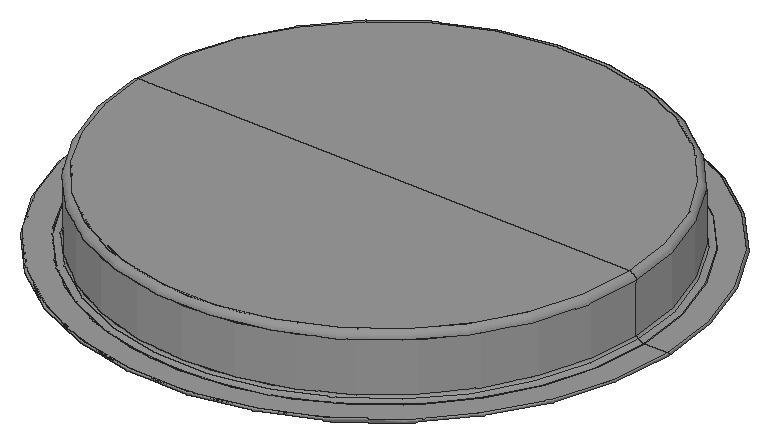
Revit family "MIA12_63_UN_Downlighter_ETK", category Lighting Fixtures, Revit 2017 (continued)
Definition of nested family "MIA.1 - Lightsource"
  Parameters (values of type "MIA.1210.15 -  Ø180 / 10W / 1000lm / 3000K")
      1.2559 \r\n267.7868 263.5441 259.2893 255.2278 250.9005 246.7908 \r\n242.0887 237.1208 232.6846 227.8375 223.7157 218.2763 \r\n212.8369 207.3976 202.3812 197.2924 192.2277 186.9334 \r\n181.7237 176.7194 171.4856 166.2758 160.6672 155.2158 \r\n149.8731 144.4216 138.9581 133.6275 128.4298 122.8938 \r\n117.2851 111.8095 106.4306 100.8582 95.3584 89.9432 84.4192 \r\n79.0886 73.758 68.234 62.9034 57.6454 52.4961 47.2984 \r\n42.1492 37.1449 32.2253 27.2936 22.4586 17.7203 13.0062 \r\n8.4492 4.0735 1.1121 0.0604 0.0604 0.0604 0.0604 0.0725 \r\n0.0725 0.0725 0.0846 0.0846 0.0967 0.1088 0.1209 0.1209 \r\n0.133 0.133 0.1571 0.1571 0.1692 0.1813 0.1813 0.1934 \r\n0.2055 0.2055 0.2176 0.2297 0.2297 0.2418 0.2538 0.2538 \r\n0.2659 0.2659 0.278 0.2901 0.2901 0.3022 0.3022 0.3143 \r\n0.3264 0.3264 0.3385 0.3385 0.3505 0.3505 0.3626 0.3626 \r\n0.3747 0.3868 0.3868 0.3868 0.411 0.411 0.4231 0.4231 \r\n0.4352 0.4352 0.4472 0.4472 0.4593 0.4593 0.4593 0.4714 \r\n0.4714 0.4714 0.4835 0.4835 0.4835 0.4956 0.4956 0.5198 \r\n0.5198 0.5319 0.5439 0.5439 0.556 0.5681 0.5802 0.5923 \r\n0.5923 0.6044 0.6044 0.6165 0.6165 0.6165 0.6165 0.6286 \r\n0.6286 0.6286 0.6286 0.6286 0.6286 0.6406 \r\n347.3105 347.2259 347.5644 346.8875 346.0776 344.0106 \r\n343.9018 343.2612 342.1612 340.5657 339.6833 338.0152 \r\n335.8637 334.2923 332.4066 330.5572 328.9254 326.3508 \r\n324.0904 321.5762 319.3521 316.4269 313.5501 311.0117 \r\n308.014 304.968 301.8373 297.9935 295.3947 291.9255 \r\n288.2872 284.9873 281.2764 277.2392 273.4437 269.5032 \r\n265.0671 261.2233 256.8113 253.3664 248.6402 244.1919 \r\n239.5503 235.223 230.5572 225.9398 221.0444 216.2456 \r\n211.2656 206.2734 201.4989 196.5188 191.1761 186.0389 \r\n180.8776 175.4382 170.1438 164.7286 159.2409 154.14 \r\n148.7489 143.2612 137.7372 132.189 126.9431 121.129 \r\n115.9072 110.4194 104.9317 99.4319 93.9925 88.4202 83.1621 \r\n77.6623 72.235 67.0615 61.6826 56.4366 51.1664 46.0534 \r\n40.9525 35.9483 30.9924 26.0486 21.274 16.4511 11.7732 \r\n7.2283 3.0219 0.689 0.0846 0.0846 0.0725 0.0725 0.0725 \r\n0.0725 0.0725 0.0725 0.0725 0.0846 0.0846 0.0967 0.0967 \r\n0.1088 0.1088 0.1209 0.133 0.1451 0.1571 0.1571 0.1692 \r\n0.1813 0.1813 0.1934 0.2055 0.2176 0.2176 0.2297 0.2297 \r\n0.2418 0.2538 0.2659 0.2659 0.278 0.278 0.278 0.2901 0.2901 \r\n0.3022 0.3143 0.3264 0.3264 0.3264 0.3385 0.3385 0.3505 \r\n0.3626 0.3626 0.3868 0.3868 0.3868 0.3989 0.3989 0.411 \r\n0.411 0.4231 0.4352 0.4352 0.4352 0.4352 0.4472 0.4472 \r\n0.4472 0.4593 0.4593 0.4593 0.4714 0.4714 0.4956 0.4956 \r\n0.5077 0.5077 0.5198 0.5439 0.556 0.556 0.556 0.5681 0.5802 \r\n0.5923 0.6165 0.6286 0.6286 0.6286 0.6406 0.6406 0.6406 \r\n0.6406 0.6406 0.6406 0.6406 \r\n346.7666 346.4402 345.9567 345.9446 345.3282 344.204 \r\n343.8293 342.4634 341.1822 340.2998 338.5833 337.3625 \r\n335.9362 333.8813 331.8143 330.2671 327.9463 326.0123 \r\n323.1234 320.851 318.8444 316.161 313.3084 309.9601 307.047 \r\n304.4119 301.0274 298.2352 294.5002 291.164 287.5257 284.25 \r\n280.6479 276.792 273.202 268.9955 264.7286 260.4497 \r\n256.6421 252.0972 247.9874 243.7689 239.3207 234.3406 \r\n229.9045 225.2992 220.0169 214.7347 209.4524 204.3515 \r\n199.033 194.0409 188.9399 184.0687 178.9073 173.8547 \r\n168.5241 163.121 157.8025 152.2422 146.8875 141.4481 \r\n136.0812 130.7869 125.1058 119.7026 114.3721 108.7997 \r\n103.3724 97.8605 92.4816 87.0543 81.6632 76.1876 70.7845 \r\n65.4901 60.1837 54.974 49.8006 44.5062 39.4778 34.4615 \r\n29.5298 24.719 19.896 15.1094 10.4557 5.9591 2.0911 0.2538 \r\n0.0725 0.0725 0.0725 0.0725 0.0725 0.0846 0.0846 0.0967 \r\n0.0967 0.1088 0.1209 0.1209 0.133 0.1451 0.1451 0.1571 \r\n0.1692 0.1692 0.1813 0.1934 0.1934 0.2176 0.2176 0.2297 \r\n0.2297 0.2418 0.2538 0.2538 0.2659 0.278 0.278 0.2901 \r\n0.2901 0.3022 0.3022 0.3143 0.3264 0.3264 0.3385 0.3385 \r\n0.3505 0.3505 0.3626 0.3626 0.3747 0.3747 0.3868 0.3868 \r\n0.3989 0.411 0.4231 0.4231 0.4352 0.4352 0.4472 0.4593 \r\n0.4593 0.4593 0.4714 0.4714 0.4714 0.4835 0.4835 0.4835 \r\n0.4835 0.4956 0.4956 0.5198 0.5198 0.5319 0.5439 0.556 \r\n0.556 0.5681 0.5802 0.5923 0.5923 0.6044 0.6044 0.6165 \r\n0.6165 0.6165 0.6165 0.6286 0.6286 0.6286 0.6286 0.6286 \r\n0.6286 0.6286 0.6406 \r\n348.3742 347.5281 347.0446 347.1171 345.6545 344.7842 \r\n343.8777 343.237 342.1008 340.3965 338.4987 337.5438 \r\n335.912 334.1956 332.2737 329.9529 327.7408 325.8915 \r\n323.3652 320.5488 318.3126 315.8226 312.6315 309.8392 \r\n307.0591 303.2636 300.5198 297.5341 294.0892 290.463 \r\n286.8609 282.6061 279.0161 275.5953 271.2438 267.8956 \r\n263.6287 259.6156 255.0465 251.1302 247.0688 241.9437 \r\n237.6163 232.9385 228.3694 223.6674 218.7598 213.8281 \r\n208.6547 204.0251 198.9605 194.1738 189.0729 183.6335 \r\n178.7381 173.4196 167.9197 162.7342 157.2465 151.8433 \r\n146.2106 140.8316 135.1988 129.832 124.308 118.7477 \r\n113.2117 107.7602 102.3208 97.099 91.5146 86.0389 80.5633 \r\n75.2206 69.7329 64.5111 59.2288 53.9707 48.7731 43.6359 \r\n38.6196 33.6637 28.732 23.7036 18.9653 14.2391 9.537 5.0888 \r\n1.5835 0.1451 0.0846 0.0846 0.0846 0.0846 0.0846 0.0846 \r\n0.0846 0.0846 0.0846 0.0846 0.0846 0.0967 0.0967 0.1209 \r\n0.1209 0.133 0.1451 0.1571 0.1571 0.1571 0.1692 0.1813 \r\n0.1934 0.2055 0.2055 0.2176 0.2297 0.2297 0.2418 0.2418 \r\n0.2538 0.2659 0.2659 0.278 0.278 0.2901 0.2901 0.3022 \r\n0.3022 0.3264 0.3264 0.3264 0.3264 0.3385 0.3385 0.3505 \r\n0.3626 0.3626 0.3747 0.3868 0.3868 0.3989 0.411 0.411 \r\n0.4231 0.4352 0.4352 0.4472 0.4472 0.4472 0.4472 0.4472 \r\n0.4472 0.4593 0.4593 0.4593 0.4714 0.4835 0.4956 0.4956 \r\n0.5077 0.5198 0.5319 0.5439 0.556 0.556 0.5681 0.5681 \r\n0.5802 0.5923 0.6165 0.6286 0.6406 0.6406 0.6406 0.6527 \r\n0.6527 0.6527 0.6648 0.6406 0.6406 \r\n347.794 347.371 346.549 345.9688 345.4491 344.1557 343.1403 \r\n342.959 341.8953 340.8316 339.2965 338.0152 336.5526 \r\n334.2439 332.5758 330.7385 328.2364 325.9277 323.6069 \r\n321.1531 318.0829 315.8951 312.9941 310.1777 306.8174 \r\n304.1702 301.0758 297.6429 294.3914 290.8014 287.2477 \r\n283.7906 280.1644 276.5623 272.1262 268.1736 264.1605 \r\n259.8936 255.7597 251.5774 246.4886 242.3305 237.8581 \r\n233.2165 228.6595 224.2596 218.8323 213.4051 207.9898 \r\n202.9373 197.8847 193.0134 188.0938 182.6544 177.2996 \r\n172.0778 166.6143 161.1386 155.9289 150.6588 145.3161 \r\n139.8042 134.3165 128.7199 123.3893 117.8049 112.4501 \r\n106.902 101.4384 95.9265 90.5597 84.9752 79.4875 74.1569 \r\n68.8867 63.5803 58.153 53.0037 47.8545 42.7052 37.6526 \r\n32.6725 27.7529 22.8938 18.0708 13.3688 8.7393 4.3757 \r\n1.2571 0.0725 0.0725 0.0725 0.0725 0.0846 0.0846 0.0967 \r\n0.1088 0.1088 0.1088 0.1209 0.133 0.1451 0.1451 0.1571 \r\n0.1571 0.1692 0.1813 0.1934 0.1934 0.2055 0.2055 0.2176 \r\n0.2297 0.2418 0.2418 0.2538 0.2659 0.2659 0.278 0.2901 \r\n0.3022 0.3022 0.3022 0.3143 0.3143 0.3264 0.3264 0.3385 \r\n0.3385 0.3505 0.3626 0.3626 0.3747 0.3747 0.3868 0.3989 \r\n0.3989 0.3989 0.411 0.4231 0.4352 0.4352 0.4472 0.4472 \r\n0.4593 0.4593 0.4714 0.4714 0.4835 0.4835 0.4835 0.4835 \r\n0.4835 0.4956 0.4956 0.5077 0.5077 0.5198 0.5319 0.5439 \r\n0.5439 0.556 0.556 0.5681 0.5802 0.5923 0.6044 0.6044 \r\n0.6165 0.6165 0.6165 0.6165 0.6286 0.6286 0.6286 0.6406 \r\n0.6406 0.6286 0.6286 0.6286 0.6406 \r\n346.5369 347.3589 346.6941 345.5578 344.8689 344.5546 \r\n343.6843 342.4755 341.2909 340.0701 337.979 336.4439 \r\n334.7033 332.878 330.8957 328.7804 326.242 324.5497 \r\n322.4828 319.6543 317.128 314.1061 311.5073 308.9568 \r\n306.1767 302.4538 299.6857 296.2045 292.9772 289.0729 \r\n285.5796 282.1588 278.4238 274.3503 270.4219 266.6747 \r\n262.3595 258.2618 253.7773 249.5105 245.026 240.8558 \r\n236.0571 231.5242 226.7376 221.9267 217.5269 212.4622 \r\n207.3009 202.3208 197.1232 192.2398 187.2598 182.1226 \r\n176.5623 171.4614 166.1912 160.8969 155.4817 150.1632 \r\n144.748 139.1877 133.6637 128.043 122.5553 117.1038 \r\n111.6403 106.1646 100.7011 95.2133 89.7981 84.5763 78.9073 \r\n73.6371 68.1857 63.0968 57.6816 52.5565 47.371 42.2338 \r\n37.1328 32.2495 27.342 22.4707 17.7324 13.0424 8.425 4.0856 \r\n1.1604 0.1088 0.0846 0.0846 0.0846 0.0846 0.0846 0.0846 \r\n0.0846 0.0846 0.0846 0.0846 0.0967 0.1088 0.1209 0.1209 \r\n0.133 0.1451 0.1451 0.1571 0.1692 0.1813 0.1813 0.2055 \r\n0.2055 0.2176 0.2176 0.2176 0.2297 0.2418 0.2538 0.2659 \r\n0.2659 0.2659 0.278 0.278 0.2901 0.2901 0.3022 0.3143 \r\n0.3264 0.3264 0.3264 0.3264 0.3385 0.3385 0.3505 0.3626 \r\n0.3747 0.3868 0.3868 0.3868 0.3989 0.411 0.411 0.4231 \r\n0.4352 0.4472 0.4352 0.4472 0.4472 0.4472 0.4472 0.4593 \r\n0.4593 0.4593 0.4593 0.4714 0.4714 0.4956 0.4956 0.5077 \r\n0.5077 0.5198 0.5319 0.556 0.556 0.556 0.5681 0.5681 0.5802 \r\n0.6044 0.6286 0.6286 0.6406 0.6406 0.6406 0.6648 0.6648 \r\n0.6648 0.6648 0.6527 0.6406 \r\n347.0688 347.0204 346.4402 345.8238 345.4249 344.7722 \r\n343.9502 343.0315 341.6536 340.2031 338.68 337.1812 \r\n335.2593 333.3011 331.3067 329.4935 327.5474 325.2025 \r\n322.7124 320.0894 317.3818 314.9039 312.3776 309.3678 \r\n306.5393 303.4329 300.133 296.8814 293.6299 290.0157 \r\n286.7158 282.8116 279.2095 275.2689 271.3042 267.0374 \r\n262.8792 258.8662 254.5509 250.3082 245.9567 241.5327 \r\n236.7098 232.2253 227.4024 223.1355 217.5269 211.9304 \r\n207.0833 202.1516 197.4374 192.0343 186.8004 181.9775 \r\n176.5986 171.2196 165.8286 160.5464 155.0949 149.6313 \r\n144.059 138.813 133.5187 127.9342 122.519 116.9709 111.5073 \r\n106.08 100.5681 95.1287 89.7377 84.3467 78.8469 73.3591 \r\n68.0648 62.6858 57.4761 52.2785 47.2138 42.0283 36.8911 \r\n31.9715 27.0277 22.1806 17.5148 12.7886 8.2558 3.9889 \r\n1.0758 0.0725 0.0725 0.0725 0.0846 0.0846 0.0846 0.0967 \r\n0.0967 0.1088 0.1209 0.1209 0.133 0.1451 0.1571 0.1571 \r\n0.1692 0.1813 0.1813 0.1934 0.2055 0.2176 0.2297 0.2297 \r\n0.2418 0.2418 0.2538 0.2659 0.2659 0.278 0.2901 0.2901 \r\n0.3022 0.3022 0.3143 0.3264 0.3264 0.3264 0.3385 0.3505 \r\n0.3505 0.3626 0.3626 0.3626 0.3747 0.3868 0.3868 0.3989 \r\n0.3989 0.411 0.411 0.4231 0.4352 0.4352 0.4472 0.4593 \r\n0.4593 0.4714 0.4714 0.4714 0.4835 0.4835 0.4835 0.4956 \r\n0.4956 0.4956 0.4956 0.5077 0.5077 0.5198 0.5319 0.5439 \r\n0.5439 0.556 0.5681 0.5681 0.5923 0.5923 0.6044 0.6044 \r\n0.6165 0.6286 0.6286 0.6286 0.6286 0.6286 0.6406 0.6406 \r\n0.6406 0.6406 0.6406 0.6406 0.6406 \r\n347.794 347.5885 347.0083 346.0293 345.9084 344.9776 \r\n343.4304 342.1612 341.9437 339.8404 338.813 337.3988 \r\n335.3922 333.5549 331.6088 329.7836 327.8134 325.42 \r\n322.7366 320.1982 317.5752 314.4446 312.148 309.4041 \r\n306.4547 302.8889 300.2176 296.5913 293.2431 289.5806 \r\n285.7851 282.7028 279.004 275.3052 270.8812 267.1945 \r\n262.9759 258.8058 254.3334 250.1632 245.7029 241.436 \r\n236.746 232.2495 227.5595 222.785 217.7324 213.0424 \r\n207.9778 203.1307 197.788 192.6508 187.707 182.8478 \r\n177.5656 172.2954 166.5659 161.3441 155.8564 150.5016 \r\n145.0381 139.7921 134.4252 128.4057 123.0992 117.4665 \r\n111.9666 106.4789 100.9791 95.576 90.0641 84.7576 79.2337 \r\n73.8184 68.4758 63.1452 57.8992 52.7257 47.5885 42.4755 \r\n37.3262 32.4066 27.4266 22.6399 17.8774 13.2117 8.6547 \r\n4.3032 1.2813 0.1088 0.0846 0.0846 0.0846 0.0846 0.0846 \r\n0.0846 0.0846 0.0846 0.0967 0.0967 0.0967 0.1088 0.1088 \r\n0.1209 0.133 0.1571 0.1571 0.1571 0.1692 0.1813 0.1934 \r\n0.2055 0.2176 0.2055 0.2176 0.2297 0.2418 0.2418 0.2538 \r\n0.2659 0.2659 0.278 0.278 0.2901 0.2901 0.3022 0.3264 \r\n0.3264 0.3264 0.3264 0.3264 0.3385 0.3505 0.3505 0.3505 \r\n0.3747 0.3747 0.3868 0.3868 0.3989 0.3989 0.3989 0.4231 \r\n0.4352 0.4352 0.4472 0.4472 0.4472 0.4472 0.4472 0.4593 \r\n0.4593 0.4593 0.4714 0.4714 0.4714 0.4714 0.4956 0.5077 \r\n0.5077 0.5077 0.5319 0.5319 0.556 0.556 0.556 0.5681 0.5802 \r\n0.5802 0.6044 0.6286 0.6406 0.6406 0.6527 0.6648 0.6769 \r\n0.6769 0.6769 0.6769 0.6527 0.6406 \r\n347.4918 347.4556 347.4556 346.5853 345.7633 345.2194 \r\n344.5062 343.2733 341.581 341.2426 340.5899 338.3053 \r\n336.4318 334.5582 333.3495 331.8627 329.8682 327.2211 \r\n325.4805 323.4014 320.7422 318.4093 315.6171 312.7644 \r\n309.3195 306.4668 303.6383 300.0363 296.7243 292.7354 \r\n290.6322 287.6224 283.5489 279.7292 275.5107 271.7152 \r\n266.9527 264.6803 259.1563 254.9015 250.1994 246.0413 \r\n241.3756 237.3262 232.6363 228.0189 222.9542 217.9862 \r\n212.704 207.5184 202.7076 197.5221 192.4816 187.1389 \r\n182.4006 176.5744 171.0141 165.5627 160.4134 154.841 \r\n148.9061 143.4063 137.8944 132.2857 126.5079 121.0081 \r\n115.2665 109.5975 103.9284 98.2594 93.1222 87.0301 81.8687 \r\n76.1272 70.5669 65.0792 59.8453 54.2488 49.039 43.8051 \r\n38.5713 33.5308 28.4661 23.5223 18.6389 13.8523 9.1261 4.69 \r\n1.4868 0.1571 0.133 0.133 0.133 0.133 0.1451 0.1451 0.1451 \r\n0.1451 0.1451 0.1451 0.1451 0.1571 0.1692 0.1813 0.1934 \r\n0.2055 0.2055 0.2176 0.2297 0.2418 0.2538 0.2659 0.2659 \r\n0.278 0.2901 0.3022 0.3143 0.3264 0.3264 0.3385 0.3385 \r\n0.3505 0.3626 0.3626 0.3747 0.3747 0.3868 0.3989 0.3989 \r\n0.411 0.411 0.4352 0.4352 0.4352 0.4472 0.4472 0.4472 \r\n0.4593 0.4714 0.4714 0.4835 0.4835 0.4956 0.4956 0.4956 \r\n0.5077 0.5077 0.5077 0.5198 0.5319 0.5439 0.5439 0.5439 \r\n0.556 0.556 0.556 0.556 0.556 0.556 0.556 0.556 0.556 0.556 \r\n0.556 0.556 0.556 0.556 0.5681 0.5681 0.5802 0.5802 0.6165 \r\n0.6406 0.6648 0.6648 0.6769 0.6769 0.6769 0.6769 0.6769 \r\n0.6406 \r\n348.6764 349.6434 348.4468 348.1446 347.9753 346.8512 \r\n345.9688 344.9535 344.337 342.7535 342.1612 341.3151 \r\n338.7526 337.5076 335.6098 334.1593 331.3187 329.8924 \r\n327.487 326.0002 322.9058 320.3916 317.6115 315.1457 \r\n312.3414 309.4524 306.0558 303.2757 299.9637 296.6759 \r\n292.9772 289.6531 286.1235 282.4973 277.9524 274.169 \r\n270.2889 266.1912 262.1903 257.6212 253.1971 248.8215 \r\n244.3612 239.635 235.078 230.666 225.6739 220.1499 214.6259 \r\n209.114 204.279 198.9846 193.7024 188.4806 183.2346 \r\n177.9886 172.5734 166.989 161.4287 155.9531 150.5137 \r\n144.8809 139.3207 133.5912 128.0068 122.374 116.7412 \r\n111.2897 105.6086 99.6736 93.9079 88.4564 82.9566 77.3963 \r\n71.9811 66.4451 60.9452 55.7355 50.1994 44.9414 39.6229 \r\n34.5703 29.4694 24.4893 19.5455 14.7105 10.0447 5.4998 \r\n1.8252 0.1934 0.1088 0.1088 0.1209 0.1209 0.1209 0.1209 \r\n0.133 0.133 0.1451 0.1571 0.1571 0.1813 0.1934 0.2055 \r\n0.2055 0.2176 0.2297 0.2418 0.2538 0.2538 0.2659 0.278 \r\n0.2901 0.2901 0.3022 0.3143 0.3264 0.3385 0.3385 0.3505 \r\n0.3626 0.3747 0.3747 0.3868 0.3868 0.3868 0.3989 0.411 \r\n0.4231 0.4352 0.4352 0.4472 0.4472 0.4593 0.4593 0.4714 \r\n0.4714 0.4835 0.4956 0.4956 0.4956 0.4956 0.5077 0.5077 \r\n0.5198 0.5198 0.5319 0.5319 0.5319 0.5319 0.5319 0.5319 \r\n0.5439 0.5439 0.5439 0.5439 0.5439 0.5439 0.5439 0.5439 \r\n0.5439 0.5439 0.556 0.556 0.5681 0.5681 0.5681 0.5802 \r\n0.5923 0.5923 0.6044 0.6406 0.6527 0.6527 0.6648 0.6648 \r\n0.6648 0.6769 0.6648 0.6406 0.6406 \r\n347.5281 347.8666 347.5765 347.105 347.7094 346.2952 \r\n345.2677 344.059 343.6238 343.5392 342.2217 340.336 \r\n339.1515 337.4109 335.5494 333.4582 331.2825 329.5177 \r\n327.354 325.3596 323.0751 320.8751 317.7807 314.5171 \r\n312.2326 309.5491 306.1525 302.623 299.5528 296.41 293.6057 \r\n290.197 286.2202 282.3039 278.448 275.1481 270.8933 266.711 \r\n262.0815 258.008 253.4147 248.8336 244.6271 240.1547 \r\n235.5373 230.4364 225.831 221.3345 216.1731 210.8546 \r\n205.6086 200.6527 195.6364 190.2816 185.1082 179.56 174.169 \r\n168.7296 163.2902 158.1289 152.4235 146.6578 141.0371 \r\n135.3197 129.6869 124.0662 118.3609 112.7402 107.1437 \r\n101.5472 95.9023 90.3179 84.6005 78.9556 73.3591 67.823 \r\n62.3837 57.1256 51.6016 46.2952 41.0734 36.0087 30.8715 \r\n25.8068 20.863 16.0039 11.2535 6.6481 2.623 0.5319 0.133 \r\n0.133 0.133 0.133 0.133 0.133 0.133 0.133 0.133 0.133 \r\n0.1451 0.1571 0.1692 0.1692 0.1813 0.1934 0.2055 0.2176 \r\n0.2176 0.2176 0.2418 0.2418 0.2659 0.2659 0.278 0.278 \r\n0.2901 0.3022 0.3264 0.3264 0.3264 0.3385 0.3505 0.3505 \r\n0.3505 0.3626 0.3626 0.3868 0.3868 0.3868 0.3989 0.411 \r\n0.4231 0.4352 0.4352 0.4472 0.4472 0.4472 0.4593 0.4593 \r\n0.4714 0.4835 0.4956 0.4956 0.4956 0.4956 0.4956 0.5077 \r\n0.5077 0.5198 0.5198 0.5439 0.556 0.556 0.556 0.556 0.556 \r\n0.556 0.556 0.556 0.556 0.556 0.556 0.556 0.556 0.556 0.556 \r\n0.556 0.556 0.556 0.5681 0.6165 0.6406 0.6406 0.6648 0.6769 \r\n0.6769 0.6769 0.6769 0.6648 0.6406 \r\n348.1083 347.1534 347.3831 347.4918 347.3347 346.5248 \r\n346.0051 345.2436 343.648 342.7656 341.4843 340.4569 \r\n339.1635 337.5317 336.3472 334.3527 332.4791 330.4605 \r\n328.2364 326.0002 323.6069 321.0564 318.2159 316.294 \r\n312.4622 310.3227 307.2404 303.6504 301.0879 297.6188 \r\n294.1376 290.463 287.1993 283.5368 279.7534 
      275.7283 \r\n272.2833 268.0285 263.5441 259.386 255.4212 250.3082 \r\n246.3798 241.8107 237.3746 232.455 227.6562 223.6311 \r\n218.0104 212.3897 206.7811 201.6923 196.4463 191.2003 \r\n185.8576 180.8292 175.281 169.5757 164.2814 158.8904 \r\n153.5598 147.9874 142.5239 136.7944 131.2462 125.5893 \r\n119.8598 113.9732 108.4733 102.7922 97.244 91.6959 86.1114 \r\n80.5028 74.8942 69.3582 63.8704 58.3464 53.0521 47.7336 \r\n42.5239 37.2416 32.177 27.209 22.2289 17.3577 12.571 7.9778 \r\n3.59 0.9791 0.0967 0.1088 0.1088 0.1088 0.1209 0.1209 0.133 \r\n0.133 0.1451 0.1571 0.1571 0.1692 0.1813 0.1813 0.1934 \r\n0.2055 0.2176 0.2297 0.2297 0.2418 0.2538 0.2538 0.2659 \r\n0.278 0.2901 0.3022 0.3143 0.3264 0.3264 0.3385 0.3505 \r\n0.3505 0.3626 0.3747 0.3747 0.3747 0.3868 0.3989 0.3989 \r\n0.411 0.4231 0.4231 0.4352 0.4472 0.4593 0.4593 0.4593 \r\n0.4714 0.4714 0.4835 0.4956 0.4956 0.4956 0.4956 0.5077 \r\n0.5198 0.5198 0.5198 0.5198 0.5198 0.5198 0.5198 0.5198 \r\n0.5319 0.5319 0.5319 0.5319 0.5319 0.5319 0.5319 0.5439 \r\n0.5439 0.5439 0.556 0.556 0.556 0.5681 0.5681 0.5802 0.5923 \r\n0.6044 0.6165 0.6165 0.6286 0.6406 0.6406 0.6527 0.6406 \r\n0.6406 0.6406 0.6406 \r\n347.5765 347.5039 347.6852 347.6611 346.96 345.9446 \r\n345.3403 344.8809 343.7931 343.1887 341.9195 340.3239 \r\n338.9581 337.435 335.767 334.0505 332.2253 330.0979 \r\n328.4177 326.0002 323.7278 321.2982 318.6631 316.1247 \r\n313.2842 310.0085 307.3009 304.2065 300.9428 297.3891 \r\n294.0529 290.6805 287.5982 283.8994 280.0677 276.526 \r\n272.4163 268.2945 264.1243 260.1837 255.8806 251.5412 \r\n246.8633 242.3063 238.0998 232.9868 228.2727 223.5586 \r\n218.4939 213.2842 208.3646 203.5054 198.5011 193.2793 \r\n188.3839 182.872 176.9975 171.6548 166.3121 161.1266 \r\n155.6872 149.9214 144.2766 138.5713 133.0231 127.2332 \r\n121.7938 115.9797 110.3832 104.7867 99.178 93.4969 87.985 \r\n82.2434 76.7799 71.0988 65.6956 60.3409 54.9377 49.6313 \r\n44.2403 39.0668 33.8934 28.8166 23.8487 18.9653 14.1787 \r\n9.4524 4.9438 1.5472 0.1692 0.1209 0.133 0.133 0.133 0.133 \r\n0.133 0.133 0.133 0.133 0.133 0.1451 0.1451 0.1571 0.1692 \r\n0.1692 0.1813 0.1934 0.2055 0.2176 0.2176 0.2297 0.2418 \r\n0.2659 0.2659 0.2659 0.278 0.2901 0.2901 0.3143 0.3143 \r\n0.3264 0.3385 0.3385 0.3385 0.3505 0.3505 0.3747 0.3868 \r\n0.3868 0.3868 0.3989 0.411 0.4231 0.4231 0.4352 0.4472 \r\n0.4472 0.4472 0.4593 0.4593 0.4714 0.4835 0.4835 0.4835 \r\n0.4956 0.4956 0.4956 0.5077 0.5077 0.5198 0.5198 0.5319 \r\n0.5319 0.5319 0.5319 0.5319 0.5319 0.5319 0.5319 0.5439 \r\n0.5439 0.5439 0.5439 0.5439 0.5439 0.5439 0.556 0.556 0.556 \r\n0.5802 0.6165 0.6286 0.6406 0.6527 0.6769 0.6769 0.6769 \r\n0.6769 0.6648 0.6406 \r\n347.3105 347.3226 348.0358 346.96 347.0446 346.1018 \r\n345.4853 345.3282 344.4337 344.1436 342.2096 341.5569 \r\n340.1426 338.7405 336.8669 335.1021 333.1198 331.1495 \r\n329.4331 326.9914 325.6134 322.3982 320.6213 318.2521 \r\n314.9281 311.7732 309.2228 306.5152 302.7439 299.867 \r\n296.3254 293.1222 289.2784 286.4015 282.1347 278.1941 \r\n274.5195 270.857 266.2517 262.154 258.2497 253.5477 \r\n249.3171 245.0864 240.6382 235.8153 231.4517 226.6771 \r\n221.0927 215.5083 209.9238 204.5449 199.2143 193.9562 \r\n189.2663 183.706 178.5084 173.4075 168.5604 162.9397 \r\n157.186 151.5895 146.1743 140.3965 134.7879 128.9254 \r\n123.2806 117.817 112.2688 106.4064 100.9428 95.1529 89.4718 \r\n84.0566 78.4117 72.8514 67.3033 61.9122 56.5454 51.106 \r\n45.86 40.602 35.4043 30.3276 25.3113 20.3916 15.4599 \r\n10.8062 6.1767 2.212 0.3505 0.0967 0.1088 0.1088 0.1088 \r\n0.1209 0.1209 0.133 0.133 0.1451 0.1451 0.1571 0.1692 \r\n0.1813 0.1934 0.1934 0.2055 0.2176 0.2176 0.2418 0.2418 \r\n0.2538 0.2538 0.2659 0.278 0.2901 0.3022 0.3143 0.3264 \r\n0.3264 0.3385 0.3505 0.3626 0.3626 0.3626 0.3747 0.3747 \r\n0.3868 0.3989 0.411 0.4231 0.4231 0.4231 0.4352 0.4472 \r\n0.4593 0.4593 0.4714 0.4714 0.4835 0.4956 0.4956 0.5077 \r\n0.5077 0.5077 0.5198 0.5198 0.5198 0.5319 0.5319 0.5319 \r\n0.5319 0.5319 0.5319 0.5319 0.5319 0.5319 0.5319 0.5319 \r\n0.5439 0.5439 0.5439 0.5439 0.556 0.556 0.556 0.5681 0.5681 \r\n0.5802 0.5923 0.5923 0.6044 0.6044 0.6165 0.6165 0.6286 \r\n0.6286 0.6286 0.6286 0.6286 0.6406 \r\n"
    Model = "MIA.12"
    Manufacturer = "ETK B.V."
    built-in parameter 1150105 = 79.577 (stored number, unit not read)
    Lumens = 1000 lm
    built-in parameter 1150115 = 1 (stored number, unit not read)
    built-in parameter 1150137 = (empty or 0)
    built-in parameter 1150139 = (empty or 0)
    built-in parameter 1150112 = 1 (stored number, unit not read)
    built-in parameter 1150114 = 1 (stored number, unit not read)
    Lamp = "LED"
    built-in parameter 1150132 = 2
    built-in parameter 1150102 = (empty or 0)
    built-in parameter 1150107 = 3000 (stored number, unit not read)
    built-in parameter 1150138 = (empty or 0)
    built-in parameter 1150106 = 0.79577 (stored number, unit not read)
    built-in parameter 1150104 = 13.8 (stored number, unit not read)
    Dimming Lamp Color Temperature Shift = (empty or 0)
    Description = "Light sources"
    Copyright © IVLighting = "www.ivlighting.nl"
    Color Filter = 16777215
    Bundle = "110°"
    built-in parameter 1114218 = 1 (stored number, unit not read)
    built-in parameter 1150133 = 10 (stored number, unit not read)
    Apparent Load = 10 VA
